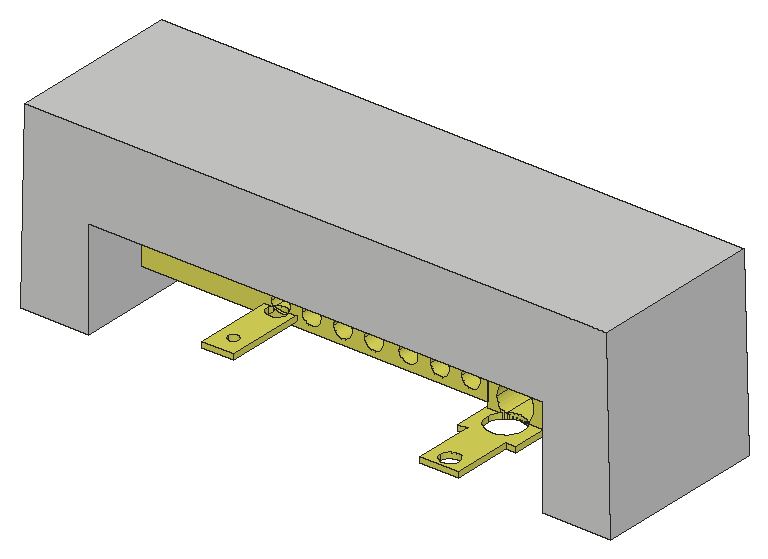
Revit family "Potentialausgleichsschiene für Innenbereich, VDE-geprüft", category Generic Models, Revit 2015
Parameters (values of type "1801 VDE")
  Width = 63 mm
  URL = "http://www.obo-bettermann.com"
  Material 2 = Brass
  Material = Polystyrene
  Manufacturer Art.No. = "5015650"
  Manufacturer = "OBO Bettermann"
  Length = 217 mm
  Height = 67.5 mm
  GTIN = "4012195378556"
  Article Type = "1801 VDE"
Reference planes
  plane 1 "Center (Front/Back)": y = 0
  plane 2: z = 0
  plane 3 "Center (Left/Right)": x = 0
  plane 4: y = 31.5
  plane 5: y = -31.5
  plane 6: y = 7.25
  plane 7: y = -7.25
  plane 8: z = 15.6
  plane 9: z = 13.6
  plane 10: z = 10
  plane 11: z = 8
Forms (mm)
  Extrusion 1, solid, material "Polystyrene" <- "Material"
    sketch origin (0, 0, 0) x (1, 0, 0) y (0, 0, 1)
      loop
        line (-108.5, 0) -> (-83.5, 0) -> (-83.5, 36.5) -> (83.5, 36.5) -> (83.5, 0) -> (108.5, 0) -> (107, 67.5) -> (-107, 67.5) -> (-108.5, 0)
    from -31.5 to 31.5
  Extrusion 2, solid, material "Brass" <- "Material 2"
    sketch origin (0, 0, 0) x (1, 0, 0) y (0, 0, 1)
      loop
        line (-83.5, 36.5) -> (-83.5, 12.07) -> (43.8, 12.07) -> (43.8, 36.5) -> (-83.5, 36.5)
    from -7.25 to 7.25
  Extrusion 3, solid, material "Brass" <- "Material 2"
    sketch origin (0, 0, 0) x (1, 0, 0) y (0, 0, 1)
      loop
        line (43.8, 36.5) -> (43.8, 8) -> (83.5, 8) -> (83.5, 36.5) -> (43.8, 36.5)
    from -7.25 to 7.25
  Extrusion 4, void
    sketch origin (0, 0, 0) x (1, 0, 0) y (0, 0, 1)
      loop
        circle (-32, 17.5) r 3.5
      loop
        circle (-20.77, 17.5) r 3.5
      loop
        circle (-9.28, 17.5) r 3.5
      loop
        circle (2.21, 17.5) r 3.5
      loop
        circle (14.78, 17.5) r 3.5
      loop
        circle (26.27, 17.5) r 3.5
      loop
        circle (37.76, 17.5) r 3.5
    from -7.25 to 7.25
  Extrusion 5, void
    sketch origin (0, 0, 0) x (1, 0, 0) y (0, 0, 1)
      loop
        circle (54, 15.2) r 6.75
      loop
        circle (75, 15.2) r 6.75
    from -7.25 to 7.25
  Extrusion 6, solid, material "Brass" <- "Material 2"
    sketch origin (0, 0, 0) x (1, 0, 0) y (0, 1, 0)
      loop
        line (-37.94, 33.15) -> (-37.94, -36.15) -> (-26.44, -36.15) -> (-26.44, 33.15) -> (-37.94, 33.15)
    from 13.6 to 15.6
  Extrusion 7, solid, material "Brass" <- "Material 2"
    sketch origin (0, 0, 0) x (1, 0, 0) y (0, 1, 0)
      loop
        line (43.3, -20.21) -> (46.75, -20.21) -> (46.75, -41.94) -> (60.75, -41.94) -> (60.75, -20.21) -> (64.3, -20.21) -> (64.3, 21.13) -> (60.75, 21.13) -> (60.75, 42.86) -> (46.75, 42.86) -> (46.75, 21.13) -> (43.3, 21.13) -> (43.3, -20.21)
    from 8 to 10
  Extrusion 8, void
    sketch origin (0, 0, 0) x (1, 0, 0) y (0, 1, 0)
      loop
        circle (53.797, 11.46) r 6.75
      loop
        circle (53.75, 37.11) r 3.5
      loop
        circle (-32.19, 9) r 3.5
      loop
        circle (-32.19, 28.9) r 2.05
      loop
        circle (53.797, -11.46) r 6.75
      loop
        circle (53.75, -37.11) r 3.5
      loop
        circle (-32.19, -9) r 3.5
      loop
        circle (-32.19, -28.9) r 2.05
    from 8 to 15.6
Cuts and joins
  Extrusion 4 cuts Extrusion 2
  Extrusion 5, Extrusion 8 cuts Extrusion 3
  Extrusion 8 cuts Extrusion 1
  Extrusion 8 cuts Extrusion 6
  Extrusion 8 cuts Extrusion 7
Dimensions and locks
  locked: plane 3 "Center (Left/Right)" to Extrusion 1 sketch curve at 108.5
  "Length": Extrusion 1 sketch curve to Extrusion 1 sketch curve
  locked: plane 3 "Center (Left/Right)" to Extrusion 1 sketch curve at 107
  locked: Extrusion 1 sketch curve to Extrusion 1 sketch curve at 214
  locked: Extrusion 1 sketch curve to Extrusion 1 sketch curve at 25  (x2)
  locked: Extrusion 1 sketch curve to Extrusion 1 sketch curve at 36.5
  "Width": plane 4 to plane 5
  locked: plane 4 to plane 1 "Center (Front/Back)" at 31.5
  locked: Extrusion 1 to Extrusion 2 sketch curve at 24.43
  locked: plane 6 to plane 7 at 14.5
  locked: plane 1 "Center (Front/Back)" to plane 7 at 7.25
  locked: Extrusion 2 sketch curve to Extrusion 1 at 39.7
  locked: Extrusion 1 to Extrusion 3 sketch curve at 28.5
  locked: Extrusion 1 to Extrusion 4 sketch curve at 19  (x7)
  locked: Extrusion 4 sketch curve to Extrusion 1 at 51.5
  locked: Extrusion 4 sketch curve to Extrusion 1 at 62.73
  locked: Extrusion 4 sketch curve to Extrusion 1 at 74.22
  locked: Extrusion 4 sketch curve to Extrusion 1 at 85.71
  locked: Extrusion 4 sketch curve to Extrusion 1 at 68.72
  locked: Extrusion 4 sketch curve to Extrusion 1 at 57.23
  locked: Extrusion 4 sketch curve to Extrusion 1 at 45.74
  locked: Extrusion 1 to Extrusion 5 sketch curve at 21.3  (x2)
  locked: Extrusion 5 sketch curve to Extrusion 1 at 29.5
  locked: Extrusion 5 sketch curve to Extrusion 1 at 8.5
  locked: Extrusion 6 sketch curve to Extrusion 6 sketch curve at 69.3
  locked: plane 1 "Center (Front/Back)" to Extrusion 6 sketch curve at 33.15
  locked: Extrusion 6 sketch curve to Extrusion 6 sketch curve at 11.5
  locked: Extrusion 1 to plane 8 at 20.9
  locked: plane 8 to plane 9 at 2
  locked: Extrusion 7 sketch curve to Extrusion 7 sketch curve at 84.8
  locked: plane 1 "Center (Front/Back)" to Extrusion 7 sketch curve at 42.86
  locked: Extrusion 7 sketch curve to Extrusion 7 sketch curve at 21.73  (x2)
  locked: Extrusion 7 sketch curve to Extrusion 7 sketch curve at 14
  locked: Extrusion 7 sketch curve to Extrusion 7 sketch curve at 21
  locked: Extrusion 7 sketch curve to Extrusion 1 at 22.75
  locked: Extrusion 7 sketch curve to Extrusion 1 at 19.2
  locked: Extrusion 1 to plane 10 at 26.5
  locked: plane 10 to plane 11 at 2
  locked: Extrusion 6 to Extrusion 8 sketch curve at 4.25
  locked: Extrusion 6 to Extrusion 8 sketch curve at 5.75  (x2)
  locked: Extrusion 6 to Extrusion 8 sketch curve at 24.15
  locked: Extrusion 7 to Extrusion 8 sketch curve at 5.75
  locked: Extrusion 7 to Extrusion 8 sketch curve at 7
  locked: Extrusion 7 to Extrusion 8 sketch curve at 31.4
  locked: Extrusion 7 to Extrusion 8 sketch curve at 10.497
  locked: cut or joined group of Extrusion 1, Extrusion 8 to Extrusion 6 sketch curve at 45.56
  "Height": Extrusion 1 sketch curve to level
  diameter of Extrusion 4 sketch curve = 7 mm  (x5)
  diameter of Extrusion 5 sketch curve = 13.5 mm  (x2)
  aligned and locked: level to plane 2
  aligned and locked: plane 4 to Extrusion 1
  aligned and locked: Extrusion 1 to plane 5
  aligned and locked: plane 6 to Extrusion 2
  aligned and locked: Extrusion 2 to plane 7
  aligned and locked: Extrusion 3 to Extrusion 2
  aligned and locked: Extrusion 2 to Extrusion 3
  aligned and locked: Extrusion 2 to Extrusion 4
  aligned and locked: plane 6 to Extrusion 5
  aligned and locked: Extrusion 5 to plane 7
  aligned and locked: plane 8 to Extrusion 6
  aligned and locked: Extrusion 6 to plane 9
  aligned and locked: Extrusion 7 to cut or joined group of Extrusion 3, Extrusion 5, Extrusion 8
  aligned and locked: plane 10 to Extrusion 7
  aligned and locked: Extrusion 8 to cut or joined group of Extrusion 3, Extrusion 5, Extrusion 8
  aligned and locked: plane 8 to Extrusion 8
Automatic sketch dimensions
  Extrusion 1 sketch curve to level = 0 mm  (x2)
  plane 8 to Extrusion 2 sketch curve = 20.9 mm
  Extrusion 2 sketch curve to plane 3 "Center (Left/Right)" = 83.5 mm
  plane 3 "Center (Left/Right)" to Extrusion 3 sketch curve = 43.8 mm
  Extrusion 3 sketch curve to Extrusion 3 sketch curve = 39.7 mm
  plane 8 to Extrusion 3 sketch curve = 20.9 mm
  Extrusion 7 sketch curve to Extrusion 7 sketch curve = 3.45 mm
  Extrusion 7 sketch curve to Extrusion 7 sketch curve = 14 mm
  plane 5 to Extrusion 7 sketch curve = 11.29 mm
  Extrusion 7 sketch curve to plane 4 = 10.37 mm
  Extrusion 8 sketch curve to plane 7 = 1.75 mm
  Extrusion 8 sketch curve to Extrusion 8 sketch curve = 0 mm  (x3)
  plane 5 to Extrusion 8 sketch curve = 2.6 mm
  Extrusion 8 sketch curve to plane 5 = 5.61 mm
  Extrusion 8 sketch curve to Extrusion 8 sketch curve = 0.047 mm
  Extrusion 8 sketch curve to plane 7 = 4.21 mm
  radius of Extrusion 4 sketch curve = 3.5 mm  (x2)
  radius of Extrusion 8 sketch curve = 6.75 mm  (x2)
  radius of Extrusion 8 sketch curve = 3.5 mm  (x4)
  radius of Extrusion 8 sketch curve = 2.05 mm  (x2)
